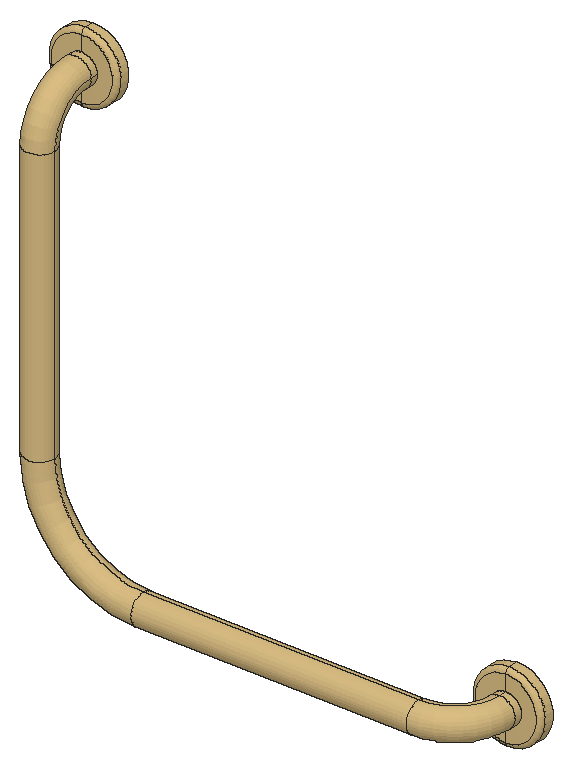
Revit family "RBA4805-450", category Plumbing Fixtures, Revit 2021
Family settings
  Round Connector Dimension = Use Diameter
  Part Type = Normal
  Work Plane-Based = No
  Always vertical = Yes
  Cut with Voids When Loaded = No
  Shared = Yes
  Room Calculation Point = No
Parameters
  Watermarked By = "www.rba.com.au"
  URL = "www.rba.com.au"
  Phone Number = ""
  OFFSET [instance] = 800.00 mm
  Modified Issue = ""
  Model = "RBA4805-450"
  Materials and Finishes = PVD Brushed Brass Stainless Steel
  Manufacturer = "RBA Group"
  Lgth = 900.00 mm
  Diameter = 32.00 mm
  Description = "RTA Brushed Brass Single Wall 90° Rail, 450mm x 450mm"
  Default Elevation = 0.00 mm
  Copyrighted by = "RBA Group"  # constant formula
Reference planes
  plane 1 "Center (Front/Back)": y = 0
  plane 2: z = 0
  plane 3 "Center (Left/Right)": x = 0
  plane 4: z = 800
  plane 5: z = 784
  plane 6: z = 1234
  plane 7: y = -55
  plane 8: y = -71
  plane 9: y = -87
  plane 10: x = -16
Forms (mm)
  Revolve 1, solid, material "PVD Brushed Brass Stainless Steel" <- "Materials and Finishes"
    sketch origin (159.282, 0, 0.016) x (0, 1, 0) y (0, 0, -1)
      loop
        line (-14.798, -1233.984) -> (-14.798, -1249.984)
        arc (-14.798, -1249.984) -> (-14.721, -1258.245) -> (-14.663, -1266.534) r 3642.758
        arc (-14.663, -1266.534) -> (-13.194, -1270.036) -> (-9.683, -1271.484) r 4.979
        line (-9.683, -1271.484) -> (0, -1271.484) -> (0, -1233.984) -> (-14.798, -1233.984)
      axis (0, -1233.984) -> (-14.798, -1233.984)
    angle from 0 to 360
  Extrusion 2, void
    sketch origin (159.282, 0, 0) x (-1, 0, 0) y (0, 0, -1)
      loop
        circle (0, -1234) r 36
    from 0 to 2.847
  Sweep 3, solid, material "PVD Brushed Brass Stainless Steel" <- "Materials and Finishes"
    path origin (159.282, 0, 0) x (0, 1, 0) y (0, 0, -1)
      loop
        line (-14.798, -1234) -> (-23, -1234)
        arc (-23, -1234) -> (-56.941, -1219.941) -> (-71, -1186) r 48
    profile origin (159.282, -18.899, 1234) x (0, 0, 1) y (-1, 0, 0)
      loop
        circle (0, 0) r 16
  Revolve 4, solid, material "PVD Brushed Brass Stainless Steel" <- "Materials and Finishes"
    sketch origin (609.282, 0, -449.984) x (0, 1, 0) y (0, 0, -1)
      loop
        line (-14.798, -1233.984) -> (-14.798, -1249.984)
        arc (-14.798, -1249.984) -> (-14.721, -1258.245) -> (-14.663, -1266.534) r 3642.758
        arc (-14.663, -1266.534) -> (-13.194, -1270.036) -> (-9.683, -1271.484) r 4.979
        line (-9.683, -1271.484) -> (0, -1271.484) -> (0, -1233.984) -> (-14.798, -1233.984)
      axis (0, -1233.984) -> (-14.798, -1233.984)
    angle from 0 to 360
  Extrusion 5, void
    sketch origin (609.282, 0, -450) x (-1, 0, 0) y (0, 0, -1)
      loop
        circle (0, -1234) r 36
    from 0 to 2.847
  Sweep 6, solid, material "PVD Brushed Brass Stainless Steel" <- "Materials and Finishes"
    path origin (-624.718, 0, 784) x (0, 1, 0) y (-1, 0, 0)
      loop
        line (-14.798, -1234) -> (-23, -1234)
        arc (-23, -1234) -> (-56.941, -1219.941) -> (-71, -1186) r 48
    profile origin (609.282, -18.899, 784) x (1, 0, 0) y (0, 0, 1)
      loop
        circle (0, 0) r 16
  Sweep 7, solid, material "PVD Brushed Brass Stainless Steel" <- "Materials and Finishes"
    path origin (159.282, -71, 0) x (-1, 0, 0) y (0, 0, -1)
      loop
        line (0, -1186) -> (0, -894)
        arc (0, -894) -> (-32.218, -816.218) -> (-110, -784) r 110
        line (-110, -784) -> (-402, -784)
    profile origin (159.282, -71, 1040) x (0, -1, 0) y (1, 0, 0)
      loop
        circle (0, 0) r 16
  Extrusion 8, void
    sketch origin (0, 0, 0) x (1, 0, 0) y (0, 0, 1)
      loop
        circle (131.782, 1234) r 5
      loop
        circle (186.782, 1234) r 5
      loop
        circle (581.782, 784) r 5
      loop
        circle (636.782, 784) r 5
    from 2.85 to 5.82
Cuts and joins
  Extrusion 2, Extrusion 8 cuts Revolve 1
  Extrusion 5, Extrusion 8 cuts Revolve 4
  joined: Sweep 3, Sweep 6, Sweep 7
Dimensions and locks
  plane 6 to plane 5 = 450.00 mm
  aligned and locked: level to plane 2
